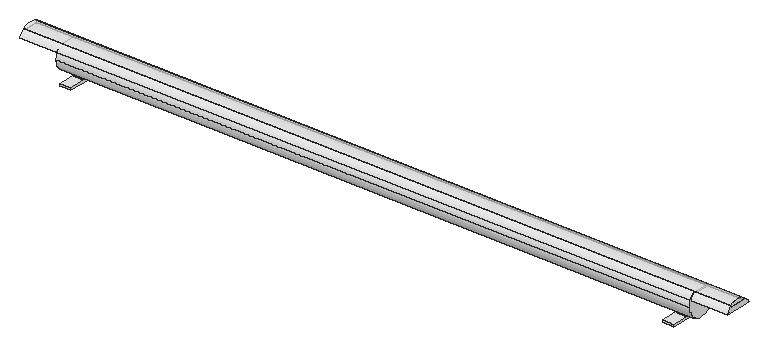
Revit family "Lighting-Linear-Acclaim-Ai Cove DMX", category Lighting Fixtures, host Face, Revit 2015
Parameters (values of type "D")
  Wattage = 9.2903 W
  built-in parameter 1150110 = 1 (stored number, unit not read)
  Voltage = 0 V
  URL = "http://www.acclaimlighting.com/"
  built-in parameter 1114217 = 1 (stored number, unit not read)
  Tilt Angle = -90.00°
  built-in parameter 1150109 = 1 (stored number, unit not read)
  built-in parameter 1150134 = 3
  built-in parameter 1150113 = 1 (stored number, unit not read)
  Power Factor = 1
  Photometric Web File = "generic"
  Number of Poles = 1
  built-in parameter 1150142 = (empty or 0)
  Model = "AL Cove DMX"
  Manufacturer = "Acclaim Lighting"
  built-in parameter 1150105 = 109.82 (stored number, unit not read)
  Lumens = 1380 lm
  built-in parameter 1150115 = 1 (stored number, unit not read)
  built-in parameter 1150137 = (empty or 0)
  built-in parameter 1150139 = (empty or 0)
  Length = 4' - 0"
  built-in parameter 1150112 = 1 (stored number, unit not read)
  built-in parameter 1150114 = 1 (stored number, unit not read)
  Lamp = "LED"
  built-in parameter 1150132 = (empty or 0)
  built-in parameter 1150102 = (empty or 0)
  built-in parameter 1150107 = 3200 (stored number, unit not read)
  built-in parameter 1150138 = (empty or 0)
  built-in parameter 1150106 = 1.0982 (stored number, unit not read)
  Housing Finish = Aluminum
  Emit from Line Length = Length  # 4' - 0"
  built-in parameter 1150104 = 13.8 (stored number, unit not read)
  Dimming Lamp Color Temperature Shift = <None>
  Description = "Cove Lighting"
  Default Elevation = 4' - 0"
  Color Filter = 16777215
  built-in parameter 1114218 = 1 (stored number, unit not read)
  built-in parameter 1150133 = 10 (stored number, unit not read)
  Apparent Load = 0 VA
Types (3): name | Length | Emit from Line Length
  (no name) | 4' - 0" | 4' - 0"
  A | 1' - 0" | 1' - 0"
  D | 4' - 0" | 4' - 0"
Reference planes (in)
  plane 1 "Center (Front/Back)": y = 0
  plane 2: z = 0
  plane 3 "Center (Left/Right)": x = 0
  plane 4: x = -24
  plane 5: x = 24
  plane 6: x = -2.86874
  plane 7: x = -2.08749
  plane 8: x = 2.06876
  plane 9: x = 2.85001
  plane 10: z = 2
Forms (in)
  Extrusion 1, solid, material "Aluminum" <- "Housing Finish"
    sketch origin (0, 0, 0) x (0, 1, 0) y (0, 0, 1)
      loop
        circle (0, 1.14743) r 0.97369
    from -21.5 to 21.49098
  Extrusion 2, solid, material "Aluminum" <- "Housing Finish"
    sketch origin (0, 0, 0.59375) x (0, 1, 0) y (0, 0, 1)
      loop
        line (-0.88747, 0.95427) -> (0.88747, 0.95427)
        arc (0.88747, 0.95427) -> (0, 1.56793) -> (-0.88747, 0.95427) r 0.94856
    from -24 to 24
  Extrusion 3, solid, material "Aluminum" <- "Housing Finish"
    sketch origin (0, 0, 0) x (0, 1, 0) y (0, 0, 1)
      loop
        line (-1.47265, 0.13395) -> (-1.47265, 0) -> (0, 0) -> (1.47265, 0) -> (1.47265, 0.13395) -> (0.38044, 0.13395)
        arc (0.38044, 0.13395) -> (0.27083, 0.24318) -> (0.23069, 0.39262) r 0.29828
        arc (0.23069, 0.39262) -> (0.16313, 0.55574) -> (0, 0.62331) r 0.23069
        arc (0, 0.62331) -> (-0.16313, 0.55574) -> (-0.23069, 0.39262) r 0.23069
        arc (-0.23069, 0.39262) -> (-0.27083, 0.24318) -> (-0.38044, 0.13395) r 0.29828
        line (-0.38044, 0.13395) -> (-1.47265, 0.13395)
    from -20.86874 to -20.08749
  Extrusion 4, solid, material "Aluminum" <- "Housing Finish"
    sketch origin (0, 0, 0) x (0, 1, 0) y (0, 0, 1)
      loop
        line (-1.47265, 0.13395) -> (-1.47265, 0) -> (0, 0) -> (1.47265, 0) -> (1.47265, 0.13395) -> (0.38044, 0.13395)
        arc (0.38044, 0.13395) -> (0.27083, 0.24318) -> (0.23069, 0.39262) r 0.29828
        arc (0.23069, 0.39262) -> (0.16313, 0.55574) -> (0, 0.62331) r 0.23069
        arc (0, 0.62331) -> (-0.16313, 0.55574) -> (-0.23069, 0.39262) r 0.23069
        arc (-0.23069, 0.39262) -> (-0.27083, 0.24318) -> (-0.38044, 0.13395) r 0.29828
        line (-0.38044, 0.13395) -> (-1.47265, 0.13395)
    from 20.06876 to 20.85001
  Extrusion 5, solid, material "Aluminum" <- "Housing Finish"
    sketch origin (0, 0, 0) x (0, 1, 0) y (0, 0, 1)
      loop
        circle (0, 0.37331) r 0.25
    from -20.86874 to -20.08749
  Extrusion 6, solid, material "Aluminum" <- "Housing Finish"
    sketch origin (0, -0.00075, 0) x (0, 1, 0) y (0, 0, 1)
      loop
        circle (0, 0.37331) r 0.25
    from 20.06876 to 20.85001
  Extrusion 7, void
    sketch origin (0, 0, 0) x (1, 0, 0) y (0, 1, 0)
      loop
        line (-24, 0.54448) -> (-24, -0.56067) -> (24, -0.56067) -> (24, 0.54448) -> (-24, 0.54448)
    from 1.85771 to 2.25174
  Extrusion 8, solid, material "Glass, Frosted"
    sketch origin (0, 0, 0) x (0, 1, 0) y (0, 0, 1)
      loop
        line (-0.56067, 1.98532) -> (-0.56067, 1.85771) -> (0.5458, 1.85771) -> (0.5458, 1.98532)
        arc (0.5458, 1.98532) -> (-0.00743, 2.1565) -> (-0.56067, 1.98532) r 0.97958
    from -24 to 24
Cuts and joins
  Extrusion 7 cuts Extrusion 1
  Extrusion 7 cuts Extrusion 2
  Extrusion 7 cuts Extrusion 3
  Extrusion 7 cuts Extrusion 4
  Extrusion 7 cuts Extrusion 5
  Extrusion 7 cuts Extrusion 6
Dimensions and locks (in)
  equal spacing: plane 4, plane 3 "Center (Left/Right)", plane 5
  plane 4 to plane 5 = 4' - 0"
  equal spacing: plane 5, plane 3 "Center (Left/Right)", plane 4
  "Length": plane 5 to plane 4
  locked: plane 4 to Extrusion 1 at 2.5
  locked: plane 5 to Extrusion 1 at 2.50902
  Extrusion 1 to Extrusion 3 to Extrusion 3 = 0' - 0.63126" locked, 0' - 0 25/32" locked
  locked: Extrusion 4 to Extrusion 4 at 0.78125
  locked: Extrusion 4 to Extrusion 1 at 0.64098
  aligned and locked: plane 2 to host face
  aligned and locked: level to host face
  aligned and locked: Extrusion 2 to plane 4
  aligned and locked: plane 5 to Extrusion 2
  aligned and locked: Extrusion 3 to Extrusion 5  (x2)
  aligned and locked: Extrusion 4 to Extrusion 6  (x2)
  aligned and locked: plane 4 to Extrusion 7 sketch curve
  aligned and locked: Extrusion 7 sketch curve to plane 5
  aligned and locked: Extrusion 8 to plane 4
  aligned and locked: plane 5 to Extrusion 8
Automatic sketch dimensions
  host sketch curve to host sketch curve = 8' - 0"  (x2)
  Extrusion 5 sketch curve to plane 1 "Center (Front/Back)" = 0' - 0"
  level to Extrusion 5 sketch curve = 0' - 0.37331"
  level to Extrusion 6 sketch curve = 0' - 0.37331"
  plane 1 "Center (Front/Back)" to Extrusion 6 sketch curve = 0' - 0.00075"
  plane 1 "Center (Front/Back)" to Extrusion 7 sketch curve = 0' - 0.56067"
  Extrusion 7 sketch curve to plane 1 "Center (Front/Back)" = 0' - 0.54448"
  Extrusion 3 sketch curve to Extrusion 3 sketch curve = 0' - 0"  (x3)
  Extrusion 3 sketch curve to level = 0' - 0"
  Extrusion 3 sketch curve to plane 1 "Center (Front/Back)" = 0' - 0"  (x2)
  level to Extrusion 3 sketch curve = 0' - 0.13395"  (x2)
  plane 1 "Center (Front/Back)" to Extrusion 3 sketch curve = 0' - 0.38044"
  Extrusion 3 sketch curve to Extrusion 3 sketch curve = 0' - 0.14854"  (x2)
  Extrusion 3 sketch curve to Extrusion 3 sketch curve = 0' - 0.94368"  (x2)
  Extrusion 3 sketch curve to plane 1 "Center (Front/Back)" = 0' - 0.38044"
  Extrusion 3 sketch curve to Extrusion 3 sketch curve = 0' - 0.25866"
  Extrusion 4 sketch curve to Extrusion 4 sketch curve = 0' - 0"  (x3)
  Extrusion 4 sketch curve to level = 0' - 0"
  Extrusion 4 sketch curve to plane 1 "Center (Front/Back)" = 0' - 0"  (x2)
  level to Extrusion 4 sketch curve = 0' - 0.13395"  (x2)
  plane 1 "Center (Front/Back)" to Extrusion 4 sketch curve = 0' - 0.38044"
  Extrusion 4 sketch curve to Extrusion 4 sketch curve = 0' - 0.14854"  (x2)
  Extrusion 4 sketch curve to Extrusion 4 sketch curve = 0' - 0.94368"  (x2)
  Extrusion 4 sketch curve to plane 1 "Center (Front/Back)" = 0' - 0.38044"
  Extrusion 4 sketch curve to Extrusion 4 sketch curve = 0' - 0.25866"
  Extrusion 1 sketch curve to plane 1 "Center (Front/Back)" = 0' - 0"
  Extrusion 1 sketch curve to plane 10 = 0' - 0.85257"
  Extrusion 2 sketch curve to plane 1 "Center (Front/Back)" = 0' - 0"
  Extrusion 2 sketch curve to plane 10 = 0' - 0.78688"
  plane 1 "Center (Front/Back)" to Extrusion 2 sketch curve = 0' - 0.88747"
  Extrusion 2 sketch curve to plane 10 = 0' - 0.45198"
  Extrusion 8 sketch curve to plane 10 = 0' - 0.14229"
  plane 1 "Center (Front/Back)" to Extrusion 8 sketch curve = 0' - 0.56067"
  plane 1 "Center (Front/Back)" to Extrusion 8 sketch curve = 0' - 0.00743"
  Extrusion 8 sketch curve to plane 10 = 0' - 0.01468"
  Extrusion 8 sketch curve to plane 1 "Center (Front/Back)" = 0' - 0.5458"
  Extrusion 8 sketch curve to plane 10 = 0' - 0.82308"
  radius of Extrusion 5 sketch curve = 0' - 0 1/4"
  radius of Extrusion 6 sketch curve = 0' - 0 1/4"
  radius of Extrusion 1 sketch curve = 0' - 0.97369"
Connectors (in)
  electrical at (21.49098, -0.0054, 1.65141), driven by "Number of Poles", driven by "Voltage", driven by "Apparent Load", driven by "Power Factor"
    settings: on cut or joined group of Extrusion 1, Extrusion 7, index 1, voltage 0 V, apparent load 0 VA, apparent load phase1 0 VA, apparent load phase2 0 VA, apparent load phase3 0 VA, power factor 1, load classification "Other", number of poles 1, system type 31, power factor state 1, is connector primary yes, connector utility no, sub classification motor no, connector description "Power"
